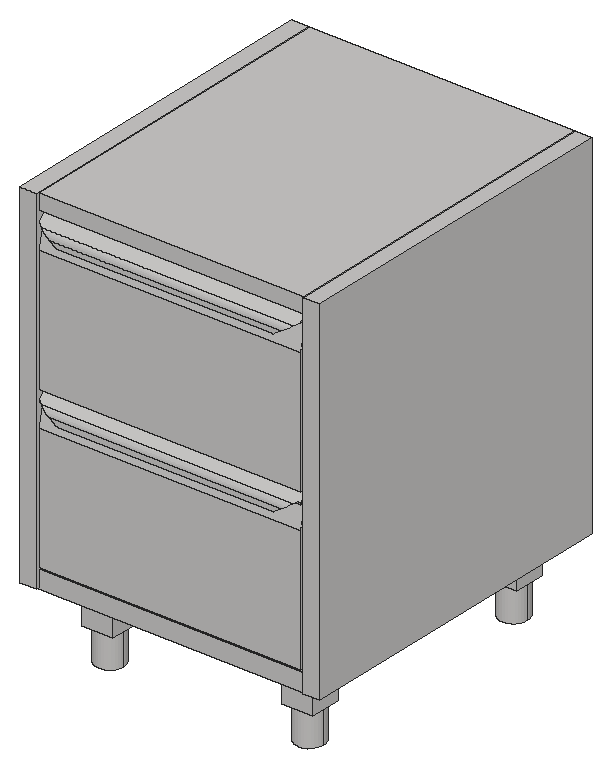
Revit family "QF_ELECTROLUXPROFESSIONAL_121822_TE2C6", category Attrezzature speciali, Revit 2020
Family settings
  Quota connettore circolare = Usa diametro
  Tipo di parte = Normale
  Basato su piano di lavoro = No
  Sempre verticale = Sì
  Taglio con vuoti quando caricato = No
  Condiviso = No
  Punto di calcolo locali = No
Parameters (values of type "Standard")
  Weight = 39.00 kg
  Watts = 0 W
  Volts = 0 V
  URL Manufacturer = "https://www.electroluxprofessional.com/"
  URL = "https://www.electroluxprofessional.com/"
  Steam Supply Size = 0 mm
  Steam Supply Minimum Pressure = 0.0 Pa
  Steam Supply Maximum Pressure = 0.0 Pa
  Steam Consumption per Hour = 0
  Refrigeration Suction Line Size = 0.0 mm
  Refrigeration Liquid Line Size = 0.0 mm
  Refrigerant Compressor Remote = yes
  Prospetto di default = 0.0 mm
  Phase = 0
  Modello = "TE2C6"
  Produttore = "Electrolux Professional"
  Length Actual = 600.0 mm  # constant formula
  Item Number = "121822"
  Hot Water Size = 0 mm
  Height Actual = 860.0 mm  # constant formula
  HP = "0 HP"
  Gas Size = 0 mm
  Gas KW = 0
  Gas Input Pressure = 0 W
  Direct Waste Size = 0 mm
  Descrizione = "AMBIENT UNIT WITH 2 DRAWERS 600MM"
  Depth Actual = 680.0 mm  # constant formula
  Cycle = 0 Hz
  Condensate Return Size = 0 mm
  Compressed Air Volume = 0.0 L/s
  Compressed Air Size = 0 mm
  Compressed Air Pressure = 0.0 Pa
  Cold Water Size = 0 mm
  Accessory = yes
Reference planes
  plane 1 "Center (Front/Back)": y = 0
  plane 2: z = 0
  plane 3 "Center (Left/Right)": x = -304.433
  plane 4 "LEFT": x = -604.433
  plane 5 "RIGHT": x = -4.433
  plane 6 "BACK": y = 340
  plane 7 "FRONT": y = -340
  plane 8 "Base": z = 860
  plane 9 "TOP": z = 900
  plane 10: x = -504.433
  plane 11: x = -104.433
  plane 12: y = 270
  plane 13: y = -240
  plane 14 "FEET": z = 150
  plane 15: x = -570.433
  plane 16: x = -38.433
  plane 17: y = -337
  plane 18: y = 310
  plane 19: y = -900
Forms (mm)
  Extrusion 1, solid, material "QF_Finishes_Stainless Steel"
    sketch origin (0, 0, 150) x (-1, 0, 0) y (0, -1, 0)
      loop
        line (604.433, -340) -> (604.433, 340) -> (570.433, 340) -> (570.433, -340) -> (604.433, -340)
      loop
        line (38.433, -340) -> (38.433, 340) -> (4.433, 340) -> (4.433, -340) -> (38.433, -340)
    from 0 to 710
  Extrusion 2, solid, material "QF_Finishes_Stainless Steel"
    sketch origin (0, 0, 150) x (-1, 0, 0) y (0, -1, 0)
      loop
        line (570.433, -310) -> (570.433, 337) -> (38.433, 337) -> (38.433, -310) -> (570.433, -310)
    from 0 to 35
  Extrusion 3, solid, material "QF_Finishes_Stainless Steel"
    sketch origin (0, 0, 0) x (1, 0, 0) y (0, 1, 0)
      loop
        line (-570.433, 310) -> (-570.433, -297) -> (-38.433, -297) -> (-38.433, 310) -> (-570.433, 310)
    from 490 to 520
  Extrusion 4, solid, material "QF_Finishes_Stainless Steel"
    sketch origin (0, 0, 0) x (1, 0, 0) y (0, 1, 0)
      loop
        line (-570.433, -337) -> (-38.433, -337) -> (-38.433, 340) -> (-570.433, 340) -> (-570.433, -337)
    from 830 to 860
  Extrusion 5, solid, material "QF_Finishes_Stainless Steel"
    sketch origin (0, 0, 150) x (-1, 0, 0) y (0, -1, 0)
      loop
        line (570.433, -340) -> (570.433, -310) -> (38.433, -310) -> (38.433, -340) -> (570.433, -340)
    from 680 to 0
Lines and regions (mm)
  symbolic lines, style "SpecialityEquipmentHiddenLines"
    curve 1: line (-4.433, 340, 900) -> (-604.433, 340, 900)
    curve 2: line (-4.433, -340, 900) -> (-4.433, 340, 900)
    curve 3: line (-604.433, -344.5, 150) -> (-604.433, 340, 150)
    curve 4: line (-604.433, -340, 150) -> (-570.433, -340, 150)
    curve 5: line (-570.433, -340, 150) -> (-570.433, -337, 150)
    curve 6: line (-570.433, -337, 150) -> (-38.433, -337, 150)
    curve 7: line (-38.433, -337, 150) -> (-38.433, -340, 150)
    curve 8: line (-38.433, -340, 150) -> (-4.433, -340, 150)
Dimensions and locks
  plane 4 "LEFT" to plane 5 "RIGHT" = 600.0 mm
  equal spacing: plane 4 "LEFT", plane 3 "Center (Left/Right)", plane 5 "RIGHT"
  plane 6 "BACK" to plane 7 "FRONT" = 680.0 mm
  equal spacing: plane 6 "BACK", plane 1 "Center (Front/Back)", plane 7 "FRONT"
  locked: plane 14 "FEET" to level at 150
  locked: plane 4 "LEFT" to plane 10 at 100
  locked: plane 11 to plane 5 "RIGHT" at 100
  locked: plane 4 "LEFT" to plane 15 at 34
  locked: plane 16 to plane 5 "RIGHT" at 34
  plane 17 to plane 7 "FRONT" = 3.0 mm
  plane 6 "BACK" to plane 18 = 30.0 mm
  locked: plane 6 "BACK" to plane 12 at 70
  locked: plane 13 to plane 7 "FRONT" at 100
  locked: plane 8 "Base" to level at 860
  locked: plane 9 "TOP" to level at 900
  plane 6 "BACK" to plane 19 = 1240.0 mm
  aligned and locked: level to plane 2
  aligned and locked: plane 10 to nested 1
  aligned and locked: plane 11 to nested 2
  aligned and locked: plane 11 to nested 4
  aligned and locked: nested 4 to plane 12
  aligned and locked: plane 10 to nested 3
  aligned and locked: nested 3 to plane 12
  aligned and locked: plane 8 "Base" to Extrusion 1
  aligned and locked: plane 6 "BACK" to Extrusion 1 sketch curve
  aligned and locked: Extrusion 1 sketch curve to plane 6 "BACK"
  aligned and locked: plane 7 "FRONT" to Extrusion 1 sketch curve
  aligned and locked: Extrusion 1 sketch curve to plane 7 "FRONT"
  aligned and locked: plane 15 to Extrusion 1
  aligned and locked: Extrusion 1 to plane 16
  aligned and locked: Extrusion 2 to plane 15
  aligned and locked: plane 16 to Extrusion 2
  aligned and locked: plane 16 to Extrusion 3
  aligned and locked: Extrusion 3 to plane 15
  aligned and locked: plane 8 "Base" to Extrusion 4
  aligned and locked: Extrusion 2 to plane 17
  aligned and locked: Extrusion 2 to plane 18
  aligned and locked: Extrusion 3 to plane 18
  aligned and locked: Extrusion 4 to plane 17
  aligned and locked: plane 15 to Extrusion 5 sketch curve
  aligned and locked: Extrusion 5 sketch curve to plane 16
  aligned and locked: Extrusion 5 sketch curve to plane 6 "BACK"
  aligned and locked: Extrusion 5 sketch curve to plane 18
  aligned and locked: Extrusion 5 to Extrusion 4
  aligned and locked: Extrusion 5 to plane 14 "FEET"
  aligned and locked: plane 6 "BACK" to Extrusion 4
  aligned and locked: nested 1 to plane 13
  aligned and locked: nested 2 to plane 13
Automatic sketch dimensions
  curve 2 to plane 5 "RIGHT" = 0.0 mm
  curve 2 to plane 7 "FRONT" = 0.0 mm
  curve 1 to plane 4 "LEFT" = 0.0 mm
  curve 1 to plane 6 "BACK" = 0.0 mm
  Extrusion 1 sketch curve to plane 5 "RIGHT" = 0.0 mm
  Extrusion 1 sketch curve to plane 16 = 0.0 mm
  Extrusion 1 sketch curve to plane 15 = 0.0 mm
  Extrusion 1 sketch curve to plane 4 "LEFT" = 0.0 mm
  Extrusion 2 sketch curve to plane 16 = 0.0 mm
  Extrusion 2 sketch curve to plane 15 = 0.0 mm
  plane 18 to Extrusion 2 sketch curve = 0.0 mm
  Extrusion 2 sketch curve to plane 17 = 0.0 mm
  curve 8 to plane 5 "RIGHT" = 0.0 mm
  curve 8 to plane 7 "FRONT" = 0.0 mm
  curve 8 to plane 16 = 0.0 mm
  curve 6 to plane 15 = 0.0 mm
  curve 3 to plane 4 "LEFT" = 0.0 mm
  curve 3 to plane 6 "BACK" = 0.0 mm
  curve 6 to plane 17 = 0.0 mm
  curve 4 to plane 7 "FRONT" = 0.0 mm
  curve 4 to curve 3 = 4.5 mm
  Extrusion 4 sketch curve to plane 15 = 0.0 mm
  Extrusion 4 sketch curve to plane 16 = 0.0 mm
  Extrusion 4 sketch curve to plane 17 = 0.0 mm
  Extrusion 4 sketch curve to plane 18 = 30.0 mm
  Extrusion 3 sketch curve to plane 15 = 0.0 mm
  plane 7 "FRONT" to Extrusion 3 sketch curve = 43.0 mm
  Extrusion 3 sketch curve to plane 16 = 0.0 mm
  plane 18 to Extrusion 3 sketch curve = 0.0 mm
Nested families
  nested 1: "FEET_L63-150" at (-504.433, -240, 0), type "FEET_L63-150"
  nested 2: "FEET_L63-150" at (-104.433, -240, 0), type "FEET_L63-150"
  nested 3: "FEET_L63-150" at (-504.433, 270, 0), type "FEET_L63-150"
  nested 4: "FEET_L63-150" at (-104.433, 270, 0), type "FEET_L63-150"
  nested 5: "H637_600_2DRAWERS" at (-344.864, -297, 150) x (1, 0, 0) z (0, -1, 0), type "H637_600_2DRAWERS"
    with Width 600.0 mm, Show Clearance yes
Definition of nested family "FEET_L63-150"
  Parameters
    Default Elevation = 0.0 mm
    FEET = 150.0 mm
  Reference planes
    plane 1 "Center (Front/Back)": y = 0
    plane 2: z = 0
    plane 3 "Center (Left/Right)": x = 0
    plane 4: z = 150
  Forms (mm)
    Extrusion 1, solid
      sketch origin (0, 0, 0) x (1, 0, 0) y (0, 1, 0)
        loop
          circle (0, 0) r 28
      from 0 to 67
    Extrusion 2, solid
      sketch origin (0, 0, 0) x (1, 0, 0) y (0, 1, 0)
        loop
          line (31.561, 31.5) -> (-31.439, 31.5) -> (-31.439, -31.5) -> (31.561, -31.5) -> (31.561, 31.5)
      from 67 to 150 <- "FEET"
  Lines and regions (mm)
    symbolic lines
      curve 1: line (0, -1.503, 0) -> (0, 1.508, 0)
      curve 2: line (1.561, 0, 0) -> (-1.439, 0, 0)
  Dimensions and locks
    "FEET": plane 4 to plane 2
    aligned and locked: level to plane 2
  Automatic sketch dimensions
    plane 1 "Center (Front/Back)" to Extrusion 1 sketch curve = 0.0 mm
    Extrusion 1 sketch curve to plane 3 "Center (Left/Right)" = 0.0 mm
    plane 1 "Center (Front/Back)" to curve 2 = 0.0 mm
    curve 1 to plane 3 "Center (Left/Right)" = 0.0 mm
    curve 2 to plane 3 "Center (Left/Right)" = 1.439 mm
    plane 3 "Center (Left/Right)" to curve 2 = 1.561 mm
    plane 1 "Center (Front/Back)" to curve 1 = 1.503 mm
    curve 1 to plane 1 "Center (Front/Back)" = 1.508 mm
    Extrusion 2 sketch curve to plane 1 "Center (Front/Back)" = 31.5 mm
    Extrusion 2 sketch curve to plane 3 "Center (Left/Right)" = 31.439 mm
    plane 3 "Center (Left/Right)" to Extrusion 2 sketch curve = 31.561 mm
    plane 1 "Center (Front/Back)" to Extrusion 2 sketch curve = 31.5 mm
    radius of Extrusion 1 sketch curve = 28.0 mm
Definition of nested family "H637_600_2DRAWERS"
  Parameters
    Width [instance] = 600.0 mm
    Show Clearance [instance] = yes
    Model = "727995"
    Height = 710.0 mm
    Default Elevation = 0.0 mm
  Reference planes
    plane 1 "Center (Front/Back)": y = 0
    plane 2: z = 0
    plane 3 "Center (Left/Right)": x = 36.042
    plane 4 "panel": z = 25
    plane 5 "Left": x = -263.958
    plane 6 "Right": x = 336.042
    plane 7: y = 710
    plane 8: z = 45
    plane 9: x = 299.042
    plane 10: x = -226.958
    plane 11: y = 672
    plane 12: y = 38
    plane 13: z = 652.734
  Forms (mm)
    Extrusion 1, solid
      sketch origin (0, -919.2, 0) x (1, 0, 0) y (0, 1, 0)
        loop
          line (-980.5, 2119.2) -> (-980.5, -162.846) -> (881.94, -162.846) -> (881.94, 2119.2) -> (-980.5, 2119.2)
      from 0 to -59.546
    Extrusion 2, solid
      sketch origin (36.042, -219.693, 0) x (0, 1, 0) y (0, 0, 1)
        loop
          line (848.63, 49.734) -> (848.63, 47.734) -> (858.98, 47.734)
          arc (858.98, 47.734) -> (865.586, 46.42) -> (871.186, 42.679) r 17.261
          line (871.186, 42.679) -> (888.019, 25.845) -> (891.693, 25) -> (872.6, 44.093)
          arc (872.6, 44.093) -> (866.351, 48.268) -> (858.98, 49.734) r 19.261
          line (858.98, 49.734) -> (848.63, 49.734)
      from -263 to 263
    Extrusion 3, void
      sketch origin (0, -219.693, 25) x (1, 0, 0) y (0, 1, 0)
        loop
          line (304.066, 839.859) -> (304.066, 882.225) -> (299.042, 882.225)
          arc (299.042, 882.225) -> (298.688, 880.688) -> (297.873, 879.339) r 5
          line (297.873, 879.339) -> (255.197, 850.51)
          arc (255.197, 850.51) -> (252.266, 849.11) -> (249.054, 848.63) r 10.974
          line (249.054, 848.63) -> (-176.97, 848.63)
          arc (-176.97, 848.63) -> (-180.182, 849.11) -> (-183.113, 850.51) r 10.974
          line (-183.113, 850.51) -> (-225.789, 879.339)
          arc (-225.789, 879.339) -> (-226.604, 880.688) -> (-226.958, 882.225) r 5
          line (-226.958, 882.225) -> (-231.982, 882.225) -> (-231.982, 839.859) -> (304.066, 839.859)
      from 0 to 27.674
    Extrusion 4, solid
      sketch origin (36.042, -190, 0) x (0, 1, 0) y (0, 0, 1)
        loop
          line (547.965, 40) -> (547.965, 0) -> (862, 0) -> (862, 25) -> (796.797, 40) -> (547.965, 40)
        loop
          line (229, 40) -> (229, 0) -> (542.965, 0) -> (542.965, 25) -> (477.761, 40) -> (229, 40)
      from 263 to -263
    Extrusion 5, solid, detail levels coarse
      sketch origin (0, 0, 0) x (1, 0, 0) y (0, 0, 1)
        loop
          line (-226.958, 40) -> (298.042, 40) -> (298.042, 652.734) -> (-226.958, 652.734) -> (-226.958, 40)
      from -672 to -357.965
    Extrusion 6, solid
      sketch origin (36.042, -538.728, 0) x (0, 1, 0) y (0, 0, 1)
        loop
          line (848.63, 49.734) -> (848.63, 47.734) -> (858.98, 47.734)
          arc (858.98, 47.734) -> (865.586, 46.42) -> (871.186, 42.679) r 17.261
          line (871.186, 42.679) -> (888.019, 25.845) -> (891.693, 25) -> (872.6, 44.093)
          arc (872.6, 44.093) -> (866.351, 48.268) -> (858.98, 49.734) r 19.261
          line (858.98, 49.734) -> (848.63, 49.734)
      from -263 to 263
    Extrusion 7, void
      sketch origin (0, -538.728, 25) x (1, 0, 0) y (0, 1, 0)
        loop
          line (304.066, 839.859) -> (304.066, 882.225) -> (299.042, 882.225)
          arc (299.042, 882.225) -> (298.688, 880.688) -> (297.873, 879.339) r 5
          line (297.873, 879.339) -> (255.197, 850.51)
          arc (255.197, 850.51) -> (252.266, 849.11) -> (249.054, 848.63) r 10.974
          line (249.054, 848.63) -> (-176.97, 848.63)
          arc (-176.97, 848.63) -> (-180.182, 849.11) -> (-183.113, 850.51) r 10.974
          line (-183.113, 850.51) -> (-225.789, 879.339)
          arc (-225.789, 879.339) -> (-226.604, 880.688) -> (-226.958, 882.225) r 5
          line (-226.958, 882.225) -> (-231.982, 882.225) -> (-231.982, 839.859) -> (304.066, 839.859)
      from 15 to 27.674
    Extrusion 8, solid, detail levels coarse
      sketch origin (0, 0, 0) x (1, 0, 0) y (0, 0, 1)
        loop
          line (-226.958, 40) -> (298.042, 40) -> (298.042, 652.734) -> (-226.958, 652.734) -> (-226.958, 40)
      from -352.965 to -39
  Cuts and joins
    Extrusion 3, Extrusion 7 cuts Extrusion 2
    Extrusion 7 cuts Extrusion 4
    Extrusion 7 cuts Extrusion 5
    Extrusion 7 cuts Extrusion 6
  Lines and regions (mm)
    symbolic lines
      curve 1: line (299.042, 0, 40) -> (299.042, 0, 653)
      curve 2: line (267.735, 0, 49.734) -> (-226.958, 0, 49.734)
      curve 3: spline (287.459, 0, 44.389) -> (285.921, 0, 45.265) -> (284.356, 0, 46.066) -> (282.765, 0, 46.791) -> (281.151, 0, 47.437) -> (279.517, 0, 48.005) -> (277.865, 0, 48.493) -> (276.198, 0, 48.9) -> (274.519, 0, 49.226) -> (272.831, 0, 49.471) -> (271.136, 0, 49.633) -> (269.436, 0, 49.712) -> (267.736, 0, 49.71)
      curve 4: line (293.956, 0, 40) -> (287.459, 0, 44.389)
      curve 5: line (299.042, 0, 653) -> (-226.958, 0, 653)
      curve 6: line (-226.958, 0, 40) -> (-226.958, 0, 653)
  Dimensions and locks
    plane 4 "panel" to level = 25.0 mm
    "Width": plane 5 "Left" to plane 6 "Right"
    equal spacing: plane 5 "Left", plane 3 "Center (Left/Right)", plane 6 "Right"
    "Height": plane 1 "Center (Front/Back)" to plane 7
    plane 9 to plane 6 "Right" = 37.0 mm
    plane 5 "Left" to plane 10 = 37.0 mm
    plane 7 to plane 11 = 38.0 mm
    plane 1 "Center (Front/Back)" to plane 12 = 38.0 mm
    plane 10 to plane 9 = 526.0 mm
    aligned and locked: plane 2 to Extrusion 1
    aligned and locked: level to Extrusion 1
    aligned and locked: plane 10 to Extrusion 2
    aligned and locked: plane 9 to Extrusion 2
    aligned and locked: plane 10 to Extrusion 4
    aligned and locked: plane 9 to Extrusion 4
    aligned and locked: plane 9 to cut or joined group of Extrusion 6, Extrusion 7
    aligned and locked: plane 10 to cut or joined group of Extrusion 6, Extrusion 7
  Automatic sketch dimensions
    Extrusion 1 sketch curve to Extrusion 1 sketch curve = 1862.44 mm
    Extrusion 1 sketch curve to Extrusion 1 sketch curve = 2282.046 mm
    Extrusion 2 sketch curve to Extrusion 2 sketch curve = 0.0 mm  (x2)
    Extrusion 2 sketch curve to plane 4 "panel" = 0.0 mm
    Extrusion 2 sketch curve to plane 11 = 0.0 mm
    plane 4 "panel" to Extrusion 2 sketch curve = 0.845 mm
    Extrusion 2 sketch curve to plane 11 = 3.674 mm
    Extrusion 2 sketch curve to plane 8 = 0.907 mm
    Extrusion 2 sketch curve to plane 11 = 19.093 mm
    Extrusion 2 sketch curve to plane 8 = 2.321 mm
    Extrusion 2 sketch curve to Extrusion 2 sketch curve = 1.414 mm
    plane 4 "panel" to Extrusion 2 sketch curve = 5.474 mm
    Extrusion 2 sketch curve to Extrusion 2 sketch curve = 12.205 mm
    Extrusion 2 sketch curve to Extrusion 2 sketch curve = 10.351 mm
    Extrusion 4 sketch curve to level = 0.0 mm  (x2)
    Extrusion 4 sketch curve to plane 4 "panel" = 0.0 mm  (x2)
    Extrusion 4 sketch curve to plane 11 = 0.0 mm
    Extrusion 4 sketch curve to plane 8 = 5.0 mm  (x2)
    Extrusion 4 sketch curve to plane 11 = 65.203 mm
    Extrusion 4 sketch curve to Extrusion 4 sketch curve = 248.832 mm
    Extrusion 4 sketch curve to Extrusion 4 sketch curve = 5.0 mm
    Extrusion 4 sketch curve to Extrusion 4 sketch curve = 65.203 mm
    plane 12 to Extrusion 4 sketch curve = 1.0 mm
    Extrusion 6 sketch curve to Extrusion 6 sketch curve = 0.0 mm  (x2)
    Extrusion 6 sketch curve to plane 4 "panel" = 0.0 mm
    plane 8 to Extrusion 6 sketch curve = 2.734 mm
    plane 12 to Extrusion 6 sketch curve = 271.902 mm
    plane 8 to Extrusion 6 sketch curve = 4.734 mm
    Extrusion 6 sketch curve to Extrusion 6 sketch curve = 10.351 mm
    Extrusion 6 sketch curve to plane 8 = 2.321 mm
    Extrusion 6 sketch curve to Extrusion 6 sketch curve = 12.205 mm
    Extrusion 6 sketch curve to plane 8 = 0.907 mm
    plane 4 "panel" to Extrusion 6 sketch curve = 0.845 mm
    Extrusion 6 sketch curve to Extrusion 6 sketch curve = 16.834 mm
    Extrusion 6 sketch curve to Extrusion 6 sketch curve = 3.674 mm
    Extrusion 3 sketch curve to plane 10 = 0.0 mm
    Extrusion 3 sketch curve to plane 9 = 0.0 mm
    plane 10 to Extrusion 3 sketch curve = 5.024 mm
    Extrusion 3 sketch curve to plane 10 = 1.169 mm
    Extrusion 3 sketch curve to plane 10 = 4.988 mm
    Extrusion 3 sketch curve to plane 10 = 43.845 mm
    Extrusion 3 sketch curve to Extrusion 3 sketch curve = 6.143 mm  (x2)
    Extrusion 3 sketch curve to plane 11 = 32.089 mm
    Extrusion 3 sketch curve to plane 9 = 49.988 mm
    Extrusion 3 sketch curve to plane 9 = 4.988 mm
    Extrusion 3 sketch curve to plane 9 = 1.169 mm
    plane 9 to Extrusion 3 sketch curve = 5.024 mm
    Extrusion 3 sketch curve to plane 11 = 41.182 mm
    Extrusion 3 sketch curve to Extrusion 3 sketch curve = 9.094 mm
    Extrusion 3 sketch curve to Extrusion 3 sketch curve = 10.652 mm
    Extrusion 3 sketch curve to plane 11 = 12.354 mm  (x2)
    Extrusion 3 sketch curve to Extrusion 3 sketch curve = 2.886 mm  (x2)
    Extrusion 5 sketch curve to plane 10 = 0.0 mm
    Extrusion 5 sketch curve to plane 13 = 0.0 mm
    Extrusion 5 sketch curve to plane 9 = 1.0 mm
    Extrusion 5 sketch curve to plane 8 = 5.0 mm
    Extrusion 7 sketch curve to plane 10 = 0.0 mm
    Extrusion 7 sketch curve to plane 9 = 0.0 mm
    plane 10 to Extrusion 7 sketch curve = 5.024 mm
    Extrusion 7 sketch curve to plane 10 = 1.169 mm
    Extrusion 7 sketch curve to plane 10 = 4.988 mm
    Extrusion 7 sketch curve to plane 10 = 43.845 mm
    Extrusion 7 sketch curve to Extrusion 7 sketch curve = 6.143 mm  (x2)
    Extrusion 7 sketch curve to plane 9 = 49.988 mm
    Extrusion 7 sketch curve to plane 9 = 4.988 mm
    Extrusion 7 sketch curve to plane 9 = 1.169 mm
    plane 9 to Extrusion 7 sketch curve = 5.024 mm
    plane 12 to Extrusion 7 sketch curve = 263.13 mm
    Extrusion 7 sketch curve to Extrusion 7 sketch curve = 8.771 mm
    Extrusion 7 sketch curve to Extrusion 7 sketch curve = 1.88 mm  (x2)
    Extrusion 7 sketch curve to Extrusion 7 sketch curve = 39.48 mm  (x2)
    Extrusion 7 sketch curve to Extrusion 7 sketch curve = 2.886 mm  (x2)
    Extrusion 8 sketch curve to plane 10 = 0.0 mm
    Extrusion 8 sketch curve to plane 13 = 0.0 mm
    Extrusion 8 sketch curve to plane 9 = 1.0 mm
    Extrusion 8 sketch curve to plane 8 = 5.0 mm
    plane 10 to curve 6 = 0.0 mm
    curve 1 to plane 9 = 0.0 mm
    curve 4 to plane 8 = 0.611 mm
    curve 4 to plane 9 = 11.583 mm
    curve 1 to plane 13 = 0.266 mm
    plane 8 to curve 2 = 4.734 mm
    curve 2 to curve 3 = 19.723 mm
    curve 2 to curve 3 = 0.0 mm
    curve 3 to curve 3 = 0.908 mm
    curve 4 to plane 9 = 5.086 mm
    curve 1 to plane 8 = 5.0 mm
    curve 4 to plane 8 = 5.0 mm
    curve 6 to plane 8 = 5.0 mm
    curve 3 to level = 1.281 mm
    curve 3 to curve 2 = 0.025 mm
